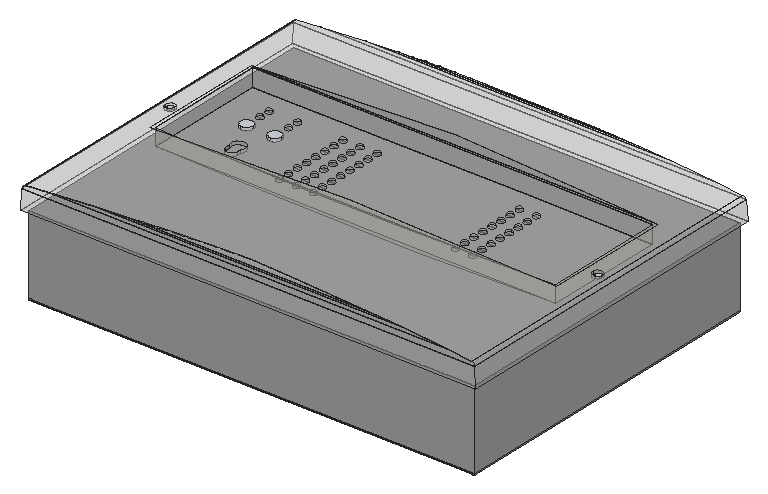
Revit family "Maxlogic Intelligent Addressable Smoke Damper Control Panel (8 Inputs - 8 Outputs)", category Fire Alarm Devices, host Face, Revit 2022
Family settings
  Host = Face
  Round Connector Dimension = Use Diameter
  Part Type = Normal
  OmniClass Number = 23.85.30.21
  OmniClass Title = Environmental Detection/Registration
  Cut with Voids When Loaded = No
  Maintain Annotation Orientation = Yes
  Shared = No
  Room Calculation Point = No
Parameters (values of type "Maxlogic Intelligent Addressable 16 way I/O panel (8 Inputs/ 8 Outputs)")
  Weight = ""
  Weatherproof surface mounting back box = ""
  Warranty Duration Unit = "Year"
  Warranty Duration Parts = "2"
  Warranty Duration Labor = "2"
  Version = ""
  URL = "https://www.mavili.com.tr/en"
  Toggle swıtch = no
  Recessed mounting base = ""
  Public Works Pose Number = ""
  Protection Sign = ""
  Product Code = "ML-1353"
  Phone Number = "(+)90 216 466 45 05"
  Operatonal Voltage (default) = "24 V/DC"
  Operating voltage range = "18-33V/DC"
  Operating temperature = "(-10°C) - (+55°C)"
  Nominal Depth = "100 mm"
  Nominal Width = "400 mm"
  Nominal Height = "300 mm"
  Mounting surface = "Wall mount"
  Mounting height = ""
  Model = "Maxlogic"
  Manufacturer = "Mavili Elektronik Ticaret A.Ş."
  Installation Manual = "https://mavilielektronik.com/Revit/ML135X_enkk.pdf"
  Indicator output = ""
  Fax Number = "(+)90 216 466 45 10"
  External supply = "220 V AC"
  Email = "mavili@mavili.com.tr"
  Disclaimer = ""
  Device Adress Setup = "The address is given to devices by addressable programmer"
  Description = "Intelligent Addressable 16 way I/O panel (8 Inputs/ 8 Outputs)"
  Default Elevation = 0 mm
  Current consumption = ""
  Cost unıt = ""
  Cost = 0
  Compatible sockets = ""
  Color = "White"
  Code Performance = "EN 54-4 / EN 54-18"
  Main Material = "Metal Grey"
  Secondary Material = "White Plastic ABS"
  Battery = "2 X (12V DC 7 Ah )"
  Address line 1 = "Şerifali Mahallesi Kutup Sokak No:27/1-2-4 Ümraniye TR-34775 İSTANBUL"
Types (4, lengths in mm): name | Toggle swıtch | Product Code | Description
  (no name) | no | "ML-1353" | "Intelligent Addressable 16 way I/O panel (8 Inputs/ 8 Outputs)"
  Maxlogic Intelligent Addressable 16 way I/O panel (8 Inputs/ 8 Outputs) | no | "ML-1353" | "Intelligent Addressable 16 way I/O panel (8 Inputs/ 8 Outputs)"
  Maxlogic Intelligent addressable (8 inputs / 8 outputs) smoke damper control panel | no | "ML-1354" | "Intelligent addressable (8 inputs / 8 outputs) smoke damper control panel"
  Maxlogic Intelligent addressable (8 inputs / 8 outputs) smoke damper control panel with toggle switch card | yes | "ML-1355" | "Intelligent addressable (8 inputs / 8 outputs) smoke damper control panel with toggle switch card"
Reference planes
  plane 1 "Center (Front/Back)": y = 0
  plane 2: z = 0
  plane 3 "Center (Left/Right)": x = 0
Forms (mm)
  Extrusion 1, solid, material "mavili arka kasa"
    sketch origin (-210, -150, 148.173) x (1, 0, 0) y (0, 0, -1)
      loop
        line (42.905, 77.3) -> (434.905, 77.3) -> (434.905, 146.904)
        arc (434.905, 146.904) -> (434.545, 147.715) -> (433.785, 148.173) r 1.476
        line (433.785, 148.173) -> (44.505, 148.173)
        arc (44.505, 148.173) -> (43.374, 147.704) -> (42.905, 146.573) r 1.6
        line (42.905, 146.573) -> (42.905, 77.3)
    from 0 to 300
  Extrusion 2, solid, material "Mavili beyaz"
    sketch origin (-210, -150, 148.173) x (1, 0, 0) y (0, 0, -1)
      loop
        line (38.905, 77.3) -> (39.824, 59.769)
        arc (39.824, 59.769) -> (40.651, 57.854) -> (42.526, 56.941) r 3
        arc (42.526, 56.941) -> (238.905, 47.3) -> (435.284, 56.941) r 2005
        arc (435.284, 56.941) -> (437.16, 57.854) -> (437.987, 59.769) r 3
        line (437.987, 59.769) -> (438.905, 77.3) -> (38.905, 77.3)
    from 0 to 300
  Extrusion 3, void
    sketch origin (-167.095, -150, 70.872) x (0, 0, 1) y (0, -1, 0)
      loop
        arc (-69.27, -296) -> (-70.403, -295.532) -> (-70.872, -294.4) r 1.6
        line (-70.872, -294.4) -> (-70.872, -300) -> (0, -300) -> (0, -296) -> (-69.27, -296)
    from 0 to 392
  Extrusion 4, void
    sketch origin (-167.095, 150, 70.872) x (0, 0, 1) y (0, -1, 0)
      loop
        line (-69.27, 296) -> (0, 296) -> (0, 300) -> (-70.872, 300) -> (-70.872, 294.4)
        arc (-70.872, 294.4) -> (-70.403, 295.532) -> (-69.27, 296) r 1.6
    from 0 to 392
  Extrusion 5, void
    sketch origin (-210, -150, 148.173) x (0, 0, -1) y (0, 1, 0)
      loop
        line (55.289, 116.326) -> (55.289, 228.158) -> (47.3, 228.297) -> (47.3, 111.721) -> (55.289, 116.326)
    from 0 to 497.127
  Extrusion 6, void
    sketch origin (-210, -150, 148.173) x (0, 0, -1) y (0, 1, 0)
      loop
        arc (47.3, 295.581) -> (48.124, 297.646) -> (50.143, 298.577) r 3
        line (50.143, 298.577) -> (51.913, 298.669) -> (55.057, 298.834) -> (59.769, 299.081) -> (77.3, 300) -> (50, 300) -> (47.3, 300) -> (47.3, 295.581)
    from 0 to 493.151
  Extrusion 7, void
    sketch origin (-210, 150, 148.173) x (0, 0, -1) y (0, 1, 0)
      loop
        line (47.3, -295.581) -> (47.3, -300) -> (50, -300) -> (77.3, -300) -> (59.769, -299.081) -> (55.057, -298.834) -> (51.913, -298.669) -> (50.143, -298.577)
        arc (50.143, -298.577) -> (48.124, -297.646) -> (47.3, -295.581) r 3
    from 0 to 493.151
  Extrusion 8, void
    sketch origin (-167.095, 146, 25.472) x (0, 0, -1) y (1, 0, 0)
      loop
        line (-13.523, 66.9) -> (-13.523, 68.054)
        arc (-13.523, 68.054) -> (-15, 68.144) -> (-16.477, 68.054) r 12.144
        line (-16.477, 68.054) -> (-16.477, 66.9)
        arc (-16.477, 66.9) -> (-26, 56.025) -> (-16.527, 45.106) r 11
        line (-16.527, 45.106) -> (-16.527, 43.952)
        arc (-16.527, 43.952) -> (-15, 43.856) -> (-13.473, 43.952) r 12.144
        line (-13.473, 43.952) -> (-13.473, 45.106)
        arc (-13.473, 45.106) -> (-4, 56.025) -> (-13.523, 66.9) r 11
    from 0 to 1
  Extrusion 9, void
    sketch origin (-127.095, 146, 25.472) x (0, 0, -1) y (1, 0, 0)
      loop
        line (-13.523, 66.9) -> (-13.523, 68.054)
        arc (-13.523, 68.054) -> (-15, 68.144) -> (-16.477, 68.054) r 12.144
        line (-16.477, 68.054) -> (-16.477, 66.9)
        arc (-16.477, 66.9) -> (-26, 56.025) -> (-16.527, 45.106) r 11
        line (-16.527, 45.106) -> (-16.527, 43.952)
        arc (-16.527, 43.952) -> (-15, 43.856) -> (-13.473, 43.952) r 12.144
        line (-13.473, 43.952) -> (-13.473, 45.106)
        arc (-13.473, 45.106) -> (-4, 56.025) -> (-13.523, 66.9) r 11
    from 0 to 1
  Extrusion 10, void
    sketch origin (-87.095, 146, 25.472) x (0, 0, -1) y (1, 0, 0)
      loop
        line (-13.523, 66.9) -> (-13.523, 68.054)
        arc (-13.523, 68.054) -> (-15, 68.144) -> (-16.477, 68.054) r 12.144
        line (-16.477, 68.054) -> (-16.477, 66.9)
        arc (-16.477, 66.9) -> (-26, 56.025) -> (-16.527, 45.106) r 11
        line (-16.527, 45.106) -> (-16.527, 43.952)
        arc (-16.527, 43.952) -> (-15, 43.856) -> (-13.473, 43.952) r 12.144
        line (-13.473, 43.952) -> (-13.473, 45.106)
        arc (-13.473, 45.106) -> (-4, 56.025) -> (-13.523, 66.9) r 11
    from 0 to 1
  Extrusion 11, void
    sketch origin (-47.095, 146, 25.472) x (0, 0, -1) y (1, 0, 0)
      loop
        line (-13.523, 66.9) -> (-13.523, 68.054)
        arc (-13.523, 68.054) -> (-15, 68.144) -> (-16.477, 68.054) r 12.144
        line (-16.477, 68.054) -> (-16.477, 66.9)
        arc (-16.477, 66.9) -> (-26, 56.025) -> (-16.527, 45.106) r 11
        line (-16.527, 45.106) -> (-16.527, 43.952)
        arc (-16.527, 43.952) -> (-15, 43.856) -> (-13.473, 43.952) r 12.144
        line (-13.473, 43.952) -> (-13.473, 45.106)
        arc (-13.473, 45.106) -> (-4, 56.025) -> (-13.523, 66.9) r 11
    from 0 to 1
  Extrusion 12, void
    sketch origin (-7.095, 146, 25.472) x (0, 0, -1) y (1, 0, 0)
      loop
        line (-13.523, 66.9) -> (-13.523, 68.054)
        arc (-13.523, 68.054) -> (-15, 68.144) -> (-16.477, 68.054) r 12.144
        line (-16.477, 68.054) -> (-16.477, 66.9)
        arc (-16.477, 66.9) -> (-26, 56.025) -> (-16.527, 45.106) r 11
        line (-16.527, 45.106) -> (-16.527, 43.952)
        arc (-16.527, 43.952) -> (-15, 43.856) -> (-13.473, 43.952) r 12.144
        line (-13.473, 43.952) -> (-13.473, 45.106)
        arc (-13.473, 45.106) -> (-4, 56.025) -> (-13.523, 66.9) r 11
    from 0 to 1
  Extrusion 13, void
    sketch origin (32.905, 146, 25.472) x (0, 0, -1) y (1, 0, 0)
      loop
        line (-13.523, 66.9) -> (-13.523, 68.054)
        arc (-13.523, 68.054) -> (-15, 68.144) -> (-16.477, 68.054) r 12.144
        line (-16.477, 68.054) -> (-16.477, 66.9)
        arc (-16.477, 66.9) -> (-26, 56.025) -> (-16.527, 45.106) r 11
        line (-16.527, 45.106) -> (-16.527, 43.952)
        arc (-16.527, 43.952) -> (-15, 43.856) -> (-13.473, 43.952) r 12.144
        line (-13.473, 43.952) -> (-13.473, 45.106)
        arc (-13.473, 45.106) -> (-4, 56.025) -> (-13.523, 66.9) r 11
    from 0 to 1
  Extrusion 14, void
    sketch origin (72.905, 146, 25.472) x (0, 0, -1) y (1, 0, 0)
      loop
        line (-13.523, 66.9) -> (-13.523, 68.054)
        arc (-13.523, 68.054) -> (-15, 68.144) -> (-16.477, 68.054) r 12.144
        line (-16.477, 68.054) -> (-16.477, 66.9)
        arc (-16.477, 66.9) -> (-26, 56.025) -> (-16.527, 45.106) r 11
        line (-16.527, 45.106) -> (-16.527, 43.952)
        arc (-16.527, 43.952) -> (-15, 43.856) -> (-13.473, 43.952) r 12.144
        line (-13.473, 43.952) -> (-13.473, 45.106)
        arc (-13.473, 45.106) -> (-4, 56.025) -> (-13.523, 66.9) r 11
    from 0 to 1
  Extrusion 15, void
    sketch origin (112.905, 146, 25.472) x (0, 0, -1) y (1, 0, 0)
      loop
        line (-13.523, 66.9) -> (-13.523, 68.054)
        arc (-13.523, 68.054) -> (-15, 68.144) -> (-16.477, 68.054) r 12.144
        line (-16.477, 68.054) -> (-16.477, 66.9)
        arc (-16.477, 66.9) -> (-26, 56.025) -> (-16.527, 45.106) r 11
        line (-16.527, 45.106) -> (-16.527, 43.952)
        arc (-16.527, 43.952) -> (-15, 43.856) -> (-13.473, 43.952) r 12.144
        line (-13.473, 43.952) -> (-13.473, 45.106)
        arc (-13.473, 45.106) -> (-4, 56.025) -> (-13.523, 66.9) r 11
    from 0 to 1
  Extrusion 16, void
    sketch origin (-210, -33.417, 92.884) x (-1, 0, 0) y (0, 1, 0)
      loop
        line (-62.836, 2.214) -> (-62.836, 108.579)
        spline (-62.836, 108.579) -> (-92.123, 108.62) -> (-121.442, 108.654) -> (-150.785, 108.681) -> (-180.148, 108.699) -> (-209.524, 108.711) -> (-238.905, 108.714) -> (-268.287, 108.711) -> (-297.662, 108.699) -> (-327.025, 108.681) -> (-356.369, 108.654) -> (-385.687, 108.62) -> (-414.974, 108.579)
        line (-414.974, 108.579) -> (-414.974, 2.214)
        spline (-414.974, 2.214) -> (-385.687, 0.847) -> (-356.369, -0.273) -> (-327.025, -1.144) -> (-297.662, -1.766) -> (-268.287, -2.14) -> (-238.905, -2.264) -> (-209.524, -2.14) -> (-180.148, -1.766) -> (-150.785, -1.144) -> (-121.442, -0.273) -> (-92.123, 0.847) -> (-62.836, 2.214)
    from 0 to 15
  Revolve 17, solid, material "Glass"
    sketch origin (-210, 143.417, 77.884) x (-1, 0, 0) y (0, -1, 0)
      loop
        line (-96.905, 88.417) -> (-90.905, 88.417)
        arc (-90.905, 88.417) -> (-93.905, 91.417) -> (-96.905, 88.417) r 3
      axis (-90.905, 88.417) -> (-96.905, 88.417)
    angle from 0 to -180
  Revolve 18, solid, material "Glass"
    sketch origin (-210, 133.417, 77.884) x (-1, 0, 0) y (0, -1, 0)
      loop
        line (-96.905, 88.417) -> (-90.905, 88.417)
        arc (-90.905, 88.417) -> (-93.905, 91.417) -> (-96.905, 88.417) r 3
      axis (-90.905, 88.417) -> (-96.905, 88.417)
    angle from 0 to -180
  Revolve 19, solid, material "Glass"
    sketch origin (-185, 143.417, 77.884) x (-1, 0, 0) y (0, -1, 0)
      loop
        line (-96.905, 88.417) -> (-90.905, 88.417)
        arc (-90.905, 88.417) -> (-93.905, 91.417) -> (-96.905, 88.417) r 3
      axis (-90.905, 88.417) -> (-96.905, 88.417)
    angle from 0 to -180
  Revolve 20, solid, material "Glass"
    sketch origin (-185, 133.417, 77.884) x (-1, 0, 0) y (0, -1, 0)
      loop
        line (-96.905, 88.417) -> (-90.905, 88.417)
        arc (-90.905, 88.417) -> (-93.905, 91.417) -> (-96.905, 88.417) r 3
      axis (-90.905, 88.417) -> (-96.905, 88.417)
    angle from 0 to -180
  Revolve 21, solid, material "Glass"
    sketch origin (-145, 143.417, 77.884) x (-1, 0, 0) y (0, -1, 0)
      loop
        line (-96.905, 88.417) -> (-90.905, 88.417)
        arc (-90.905, 88.417) -> (-93.905, 91.417) -> (-96.905, 88.417) r 3
      axis (-90.905, 88.417) -> (-96.905, 88.417)
    angle from 0 to -180
  Revolve 22, solid, material "Glass"
    sketch origin (-130, 143.417, 77.884) x (-1, 0, 0) y (0, -1, 0)
      loop
        line (-96.905, 88.417) -> (-90.905, 88.417)
        arc (-90.905, 88.417) -> (-93.905, 91.417) -> (-96.905, 88.417) r 3
      axis (-90.905, 88.417) -> (-96.905, 88.417)
    angle from 0 to -180
  Revolve 23, solid, material "Glass"
    sketch origin (-115, 143.417, 77.884) x (-1, 0, 0) y (0, -1, 0)
      loop
        line (-96.905, 88.417) -> (-90.905, 88.417)
        arc (-90.905, 88.417) -> (-93.905, 91.417) -> (-96.905, 88.417) r 3
      axis (-90.905, 88.417) -> (-96.905, 88.417)
    angle from 0 to -180
  Revolve 24, solid, material "Glass"
    sketch origin (-145, 133.426, 77.884) x (-1, 0, 0) y (0, -1, 0)
      loop
        line (-96.905, 88.417) -> (-90.905, 88.417)
        arc (-90.905, 88.417) -> (-93.905, 91.417) -> (-96.905, 88.417) r 3
      axis (-90.905, 88.417) -> (-96.905, 88.417)
    angle from 0 to -180
  Revolve 25, solid, material "Glass"
    sketch origin (-130, 133.426, 77.884) x (-1, 0, 0) y (0, -1, 0)
      loop
        line (-96.905, 88.417) -> (-90.905, 88.417)
        arc (-90.905, 88.417) -> (-93.905, 91.417) -> (-96.905, 88.417) r 3
      axis (-90.905, 88.417) -> (-96.905, 88.417)
    angle from 0 to -180
  Revolve 26, solid, material "Glass"
    sketch origin (-115, 133.426, 77.884) x (-1, 0, 0) y (0, -1, 0)
      loop
        line (-96.905, 88.417) -> (-90.905, 88.417)
        arc (-90.905, 88.417) -> (-93.905, 91.417) -> (-96.905, 88.417) r 3
      axis (-90.905, 88.417) -> (-96.905, 88.417)
    angle from 0 to -180
  Revolve 27, solid, material "Glass"
    sketch origin (-145, 123.431, 77.884) x (-1, 0, 0) y (0, -1, 0)
      loop
        line (-96.905, 88.417) -> (-90.905, 88.417)
        arc (-90.905, 88.417) -> (-93.905, 91.417) -> (-96.905, 88.417) r 3
      axis (-90.905, 88.417) -> (-96.905, 88.417)
    angle from 0 to -180
  Revolve 28, solid, material "Glass"
    sketch origin (-130, 123.431, 77.884) x (-1, 0, 0) y (0, -1, 0)
      loop
        line (-96.905, 88.417) -> (-90.905, 88.417)
        arc (-90.905, 88.417) -> (-93.905, 91.417) -> (-96.905, 88.417) r 3
      axis (-90.905, 88.417) -> (-96.905, 88.417)
    angle from 0 to -180
  Revolve 29, solid, material "Glass"
    sketch origin (-115, 123.431, 77.884) x (-1, 0, 0) y (0, -1, 0)
      loop
        line (-96.905, 88.417) -> (-90.905, 88.417)
        arc (-90.905, 88.417) -> (-93.905, 91.417) -> (-96.905, 88.417) r 3
      axis (-90.905, 88.417) -> (-96.905, 88.417)
    angle from 0 to -180
  Revolve 30, solid, material "Glass"
    sketch origin (-145, 113.434, 77.884) x (-1, 0, 0) y (0, -1, 0)
      loop
        line (-96.905, 88.417) -> (-90.905, 88.417)
        arc (-90.905, 88.417) -> (-93.905, 91.417) -> (-96.905, 88.417) r 3
      axis (-90.905, 88.417) -> (-96.905, 88.417)
    angle from 0 to -180
  Revolve 31, solid, material "Glass"
    sketch origin (-130, 113.434, 77.884) x (-1, 0, 0) y (0, -1, 0)
      loop
        line (-96.905, 88.417) -> (-90.905, 88.417)
        arc (-90.905, 88.417) -> (-93.905, 91.417) -> (-96.905, 88.417) r 3
      axis (-90.905, 88.417) -> (-96.905, 88.417)
    angle from 0 to -180
  Revolve 32, solid, material "Glass"
    sketch origin (-115, 113.434, 77.884) x (-1, 0, 0) y (0, -1, 0)
      loop
        line (-96.905, 88.417) -> (-90.905, 88.417)
        arc (-90.905, 88.417) -> (-93.905, 91.417) -> (-96.905, 88.417) r 3
      axis (-90.905, 88.417) -> (-96.905, 88.417)
    angle from 0 to -180
  Revolve 33, solid, material "Glass"
    sketch origin (-145, 103.436, 77.884) x (-1, 0, 0) y (0, -1, 0)
      loop
        line (-96.905, 88.417) -> (-90.905, 88.417)
        arc (-90.905, 88.417) -> (-93.905, 91.417) -> (-96.905, 88.417) r 3
      axis (-90.905, 88.417) -> (-96.905, 88.417)
    angle from 0 to -180
  Revolve 34, solid, material "Glass"
    sketch origin (-130, 103.436, 77.884) x (-1, 0, 0) y (0, -1, 0)
      loop
        line (-96.905, 88.417) -> (-90.905, 88.417)
        arc (-90.905, 88.417) -> (-93.905, 91.417) -> (-96.905, 88.417) r 3
      axis (-90.905, 88.417) -> (-96.905, 88.417)
    angle from 0 to -180
  Revolve 35, solid, material "Glass"
    sketch origin (-115, 103.436, 77.884) x (-1, 0, 0) y (0, -1, 0)
      loop
        line (-96.905, 88.417) -> (-90.905, 88.417)
        arc (-90.905, 88.417) -> (-93.905, 91.417) -> (-96.905, 88.417) r 3
      axis (-90.905, 88.417) -> (-96.905, 88.417)
    angle from 0 to -180
  Revolve 36, solid, material "Glass"
    sketch origin (-145, 93.439, 77.884) x (-1, 0, 0) y (0, -1, 0)
      loop
        line (-96.905, 88.417) -> (-90.905, 88.417)
        arc (-90.905, 88.417) -> (-93.905, 91.417) -> (-96.905, 88.417) r 3
      axis (-90.905, 88.417) -> (-96.905, 88.417)
    angle from 0 to -180
  Revolve 37, solid, material "Glass"
    sketch origin (-130, 93.439, 77.884) x (-1, 0, 0) y (0, -1, 0)
      loop
        line (-96.905, 88.417) -> (-90.905, 88.417)
        arc (-90.905, 88.417) -> (-93.905, 91.417) -> (-96.905, 88.417) r 3
      axis (-90.905, 88.417) -> (-96.905, 88.417)
    angle from 0 to -180
  Revolve 38, solid, material "Glass"
    sketch origin (-115, 93.439, 77.884) x (-1, 0, 0) y (0, -1, 0)
      loop
        line (-96.905, 88.417) -> (-90.905, 88.417)
        arc (-90.905, 88.417) -> (-93.905, 91.417) -> (-96.905, 88.417) r 3
      axis (-90.905, 88.417) -> (-96.905, 88.417)
    angle from 0 to -180
  Revolve 39, solid, material "Glass"
    sketch origin (-145, 83.393, 77.884) x (-1, 0, 0) y (0, -1, 0)
      loop
        line (-96.905, 88.417) -> (-90.905, 88.417)
        arc (-90.905, 88.417) -> (-93.905, 91.417) -> (-96.905, 88.417) r 3
      axis (-90.905, 88.417) -> (-96.905, 88.417)
    angle from 0 to -180
  Revolve 40, solid, material "Glass"
    sketch origin (-130, 83.393, 77.884) x (-1, 0, 0) y (0, -1, 0)
      loop
        line (-96.905, 88.417) -> (-90.905, 88.417)
        arc (-90.905, 88.417) -> (-93.905, 91.417) -> (-96.905, 88.417) r 3
      axis (-90.905, 88.417) -> (-96.905, 88.417)
    angle from 0 to -180
  Revolve 41, solid, material "Glass"
    sketch origin (-115, 83.393, 77.884) x (-1, 0, 0) y (0, -1, 0)
      loop
        line (-96.905, 88.417) -> (-90.905, 88.417)
        arc (-90.905, 88.417) -> (-93.905, 91.417) -> (-96.905, 88.417) r 3
      axis (-90.905, 88.417) -> (-96.905, 88.417)
    angle from 0 to -180
  Revolve 42, solid, material "Glass"
    sketch origin (-145, 73.443, 77.884) x (-1, 0, 0) y (0, -1, 0)
      loop
        line (-96.905, 88.417) -> (-90.905, 88.417)
        arc (-90.905, 88.417) -> (-93.905, 91.417) -> (-96.905, 88.417) r 3
      axis (-90.905, 88.417) -> (-96.905, 88.417)
    angle from 0 to -180
  Revolve 43, solid, material "Glass"
    sketch origin (-130, 73.443, 77.884) x (-1, 0, 0) y (0, -1, 0)
      loop
        line (-96.905, 88.417) -> (-90.905, 88.417)
        arc (-90.905, 88.417) -> (-93.905, 91.417) -> (-96.905, 88.417) r 3
      axis (-90.905, 88.417) -> (-96.905, 88.417)
    angle from 0 to -180
  Revolve 44, solid, material "Glass"
    sketch origin (-115, 73.443, 77.884) x (-1, 0, 0) y (0, -1, 0)
      loop
        line (-96.905, 88.417) -> (-90.905, 88.417)
        arc (-90.905, 88.417) -> (-93.905, 91.417) -> (-96.905, 88.417) r 3
      axis (-90.905, 88.417) -> (-96.905, 88.417)
    angle from 0 to -180
  Revolve 45, solid, material "Glass"
    sketch origin (10, 143.417, 77.884) x (-1, 0, 0) y (0, -1, 0)
      loop
        line (-96.905, 88.417) -> (-90.905, 88.417)
        arc (-90.905, 88.417) -> (-93.905, 91.417) -> (-96.905, 88.417) r 3
      axis (-90.905, 88.417) -> (-96.905, 88.417)
    angle from 0 to -180
  Revolve 46, solid, material "Glass"
    sketch origin (25, 143.417, 77.884) x (-1, 0, 0) y (0, -1, 0)
      loop
        line (-96.905, 88.417) -> (-90.905, 88.417)
        arc (-90.905, 88.417) -> (-93.905, 91.417) -> (-96.905, 88.417) r 3
      axis (-90.905, 88.417) -> (-96.905, 88.417)
    angle from 0 to -180
  Revolve 47, solid, material "Glass"
    sketch origin (10, 133.417, 77.884) x (-1, 0, 0) y (0, -1, 0)
      loop
        line (-96.905, 88.417) -> (-90.905, 88.417)
        arc (-90.905, 88.417) -> (-93.905, 91.417) -> (-96.905, 88.417) r 3
      axis (-90.905, 88.417) -> (-96.905, 88.417)
    angle from 0 to -180
  Revolve 48, solid, material "Glass"
    sketch origin (25, 133.417, 77.884) x (-1, 0, 0) y (0, -1, 0)
      loop
        line (-96.905, 88.417) -> (-90.905, 88.417)
        arc (-90.905, 88.417) -> (-93.905, 91.417) -> (-96.905, 88.417) r 3
      axis (-90.905, 88.417) -> (-96.905, 88.417)
    angle from 0 to -180
  Revolve 49, solid, material "Glass"
    sketch origin (10, 123.417, 77.884) x (-1, 0, 0) y (0, -1, 0)
      loop
        line (-96.905, 88.417) -> (-90.905, 88.417)
        arc (-90.905, 88.417) -> (-93.905, 91.417) -> (-96.905, 88.417) r 3
      axis (-90.905, 88.417) -> (-96.905, 88.417)
    angle from 0 to -180
  Revolve 50, solid, material "Glass"
    sketch origin (25, 123.417, 77.884) x (-1, 0, 0) y (0, -1, 0)
      loop
        line (-96.905, 88.417) -> (-90.905, 88.417)
        arc (-90.905, 88.417) -> (-93.905, 91.417) -> (-96.905, 88.417) r 3
      axis (-90.905, 88.417) -> (-96.905, 88.417)
    angle from 0 to -180
  Revolve 51, solid, material "Glass"
    sketch origin (10, 113.417, 77.884) x (-1, 0, 0) y (0, -1, 0)
      loop
        line (-96.905, 88.417) -> (-90.905, 88.417)
        arc (-90.905, 88.417) -> (-93.905, 91.417) -> (-96.905, 88.417) r 3
      axis (-90.905, 88.417) -> (-96.905, 88.417)
    angle from 0 to -180
  Revolve 52, solid, material "Glass"
    sketch origin (25, 113.417, 77.884) x (-1, 0, 0) y (0, -1, 0)
      loop
        line (-96.905, 88.417) -> (-90.905, 88.417)
        arc (-90.905, 88.417) -> (-93.905, 91.417) -> (-96.905, 88.417) r 3
      axis (-90.905, 88.417) -> (-96.905, 88.417)
    angle from 0 to -180
  Revolve 53, solid, material "Glass"
    sketch origin (10, 103.417, 77.884) x (-1, 0, 0) y (0, -1, 0)
      loop
        line (-96.905, 88.417) -> (-90.905, 88.417)
        arc (-90.905, 88.417) -> (-93.905, 91.417) -> (-96.905, 88.417) r 3
      axis (-90.905, 88.417) -> (-96.905, 88.417)
    angle from 0 to -180
  Revolve 54, solid, material "Glass"
    sketch origin (25, 103.417, 77.884) x (-1, 0, 0) y (0, -1, 0)
      loop
        line (-96.905, 88.417) -> (-90.905, 88.417)
        arc (-90.905, 88.417) -> (-93.905, 91.417) -> (-96.905, 88.417) r 3
      axis (-90.905, 88.417) -> (-96.905, 88.417)
    angle from 0 to -180
  Revolve 55, solid, material "Glass"
    sketch origin (10, 93.417, 77.884) x (-1, 0, 0) y (0, -1, 0)
      loop
        line (-96.905, 88.417) -> (-90.905, 88.417)
        arc (-90.905, 88.417) -> (-93.905, 91.417) -> (-96.905, 88.417) r 3
      axis (-90.905, 88.417) -> (-96.905, 88.417)
    angle from 0 to -180
  Revolve 56, solid, material "Glass"
    sketch origin (25, 93.417, 77.884) x (-1, 0, 0) y (0, -1, 0)
      loop
        line (-96.905, 88.417) -> (-90.905, 88.417)
        arc (-90.905, 88.417) -> (-93.905, 91.417) -> (-96.905, 88.417) r 3
      axis (-90.905, 88.417) -> (-96.905, 88.417)
    angle from 0 to -180
  Revolve 57, solid, material "Glass"
    sketch origin (10, 83.417, 77.884) x (-1, 0, 0) y (0, -1, 0)
      loop
        line (-96.905, 88.417) -> (-90.905, 88.417)
        arc (-90.905, 88.417) -> (-93.905, 91.417) -> (-96.905, 88.417) r 3
      axis (-90.905, 88.417) -> (-96.905, 88.417)
    angle from 0 to -180
  Revolve 58, solid, material "Glass"
    sketch origin (25, 83.417, 77.884) x (-1, 0, 0) y (0, -1, 0)
      loop
        line (-96.905, 88.417) -> (-90.905, 88.417)
        arc (-90.905, 88.417) -> (-93.905, 91.417) -> (-96.905, 88.417) r 3
      axis (-90.905, 88.417) -> (-96.905, 88.417)
    angle from 0 to -180
  Revolve 59, solid, material "Glass"
    sketch origin (10, 73.417, 77.884) x (-1, 0, 0) y (0, -1, 0)
      loop
        line (-96.905, 88.417) -> (-90.905, 88.417)
        arc (-90.905, 88.417) -> (-93.905, 91.417) -> (-96.905, 88.417) r 3
      axis (-90.905, 88.417) -> (-96.905, 88.417)
    angle from 0 to -180
  Revolve 60, solid, material "Glass"
    sketch origin (25, 73.417, 77.884) x (-1, 0, 0) y (0, -1, 0)
      loop
        line (-96.905, 88.417) -> (-90.905, 88.417)
        arc (-90.905, 88.417) -> (-93.905, 91.417) -> (-96.905, 88.417) r 3
      axis (-90.905, 88.417) -> (-96.905, 88.417)
    angle from 0 to -180
  Extrusion 61, void
    sketch origin (-210, -33.05, 77.884) x (-1, 0, 0) y (0, 1, 0)
      loop
        line (-111.572, 35.05) -> (-111.572, 31.407)
        arc (-111.572, 31.407) -> (-106.405, 26.25) -> (-101.238, 31.407) r 5.167
        line (-101.238, 31.407) -> (-101.238, 35.05)
        arc (-101.238, 35.05) -> (-106.405, 44.584) -> (-111.572, 35.05) r 6.167
    from 0 to 3
  Extrusion 62, solid
    sketch origin (-210, -33.417, 77.884) x (0, 1, 0) y (-1, 0, 0)
      loop
        circle (63.417, -93.905) r 5.5
    from 0 to 2
  Extrusion 63, solid
    sketch origin (-185, -33.417, 77.884) x (0, 1, 0) y (-1, 0, 0)
      loop
        circle (63.417, -93.905) r 5.5
    from 0 to 2
  Extrusion 64, void
    sketch origin (-210, -33.417, 92.884) x (-1, 0, 0) y (0, 1, 0)
      loop
        circle (-50.905, 33.417) r 4.25
    from 0 to 3
  Extrusion 65, solid
    sketch origin (-210, -33.442, 89.884) x (0, 1, 0) y (-1, 0, 0)
      loop
        line (35.753, -50.862) -> (34.597, -48.861) -> (32.286, -48.861) -> (31.13, -50.862) -> (32.286, -52.864) -> (34.597, -52.864) -> (35.753, -50.862)
    from 0 to 1
  Extrusion 66, void
    sketch origin (267.811, -33.417, 92.884) x (-1, 0, 0) y (0, 1, 0)
      loop
        circle (50.905, 33.417) r 4.25
    from 0 to 3
  Extrusion 67, solid
    sketch origin (267.811, -33.442, 89.884) x (0, 1, 0) y (-1, 0, 0)
      loop
        line (35.753, 50.862) -> (34.597, 52.864) -> (32.286, 52.864) -> (31.13, 50.862) -> (32.286, 48.861) -> (34.597, 48.861) -> (35.753, 50.862)
    from 0 to 1
  Revolve 68, solid, visible <- "Toggle swıtch"
    sketch origin (171.007, -145, 71.996) x (0, 0, -1) y (0, -1, 0)
      loop
        line (-7.888, -179.78) -> (-17.451, -182.704)
        arc (-17.451, -182.704) -> (-17.158, -183.343) -> (-16.631, -183.808) r 1.693
        arc (-16.631, -183.808) -> (-12.368, -182.077) -> (-7.888, -181.035) r 29.317
        line (-7.888, -181.035) -> (-7.888, -179.78)
      axis (-7.888, -179.78) -> (-17.451, -182.704)
    angle from 0 to 360
  Extrusion 69, solid, visible <- "Toggle swıtch"
    sketch origin (-210, -33.451, 77.884) x (0, 1, 0) y (-1, 0, 0)
      loop
        line (72.39, -383.23) -> (72.39, -378.682) -> (68.451, -376.408) -> (64.513, -378.682) -> (64.513, -383.23) -> (68.451, -385.504) -> (72.39, -383.23)
    from 0 to 2
  Revolve 70, solid, visible <- "Toggle swıtch"
    sketch origin (171.007, -124.789, 71.996) x (0, 0, -1) y (0, -1, 0)
      loop
        line (-7.888, -179.78) -> (-17.451, -182.704)
        arc (-17.451, -182.704) -> (-17.158, -183.343) -> (-16.631, -183.808) r 1.693
        arc (-16.631, -183.808) -> (-12.368, -182.077) -> (-7.888, -181.035) r 29.317
        line (-7.888, -181.035) -> (-7.888, -179.78)
      axis (-7.888, -179.78) -> (-17.451, -182.704)
    angle from 0 to 360
  Extrusion 71, solid, visible <- "Toggle swıtch"
    sketch origin (-210, -13.241, 77.884) x (0, 1, 0) y (-1, 0, 0)
      loop
        line (72.39, -383.23) -> (72.39, -378.682) -> (68.451, -376.408) -> (64.513, -378.682) -> (64.513, -383.23) -> (68.451, -385.504) -> (72.39, -383.23)
    from 0 to 2
  Revolve 72, solid, visible <- "Toggle swıtch"
    sketch origin (151.088, -134.939, 71.996) x (0, 0, -1) y (0, -1, 0)
      loop
        line (-7.888, -179.78) -> (-17.451, -182.704)
        arc (-17.451, -182.704) -> (-17.158, -183.343) -> (-16.631, -183.808) r 1.693
        arc (-16.631, -183.808) -> (-12.368, -182.077) -> (-7.888, -181.035) r 29.317
        line (-7.888, -181.035) -> (-7.888, -179.78)
      axis (-7.888, -179.78) -> (-17.451, -182.704)
    angle from 0 to 360
  Extrusion 73, solid, visible <- "Toggle swıtch"
    sketch origin (-229.919, -23.39, 77.884) x (0, 1, 0) y (-1, 0, 0)
      loop
        line (72.39, -383.23) -> (72.39, -378.682) -> (68.451, -376.408) -> (64.513, -378.682) -> (64.513, -383.23) -> (68.451, -385.504) -> (72.39, -383.23)
    from 0 to 2
  Revolve 74, solid, visible <- "Toggle swıtch"
    sketch origin (151.088, -154.939, 71.996) x (0, 0, -1) y (0, -1, 0)
      loop
        line (-7.888, -179.78) -> (-17.451, -182.704)
        arc (-17.451, -182.704) -> (-17.158, -183.343) -> (-16.631, -183.808) r 1.693
        arc (-16.631, -183.808) -> (-12.368, -182.077) -> (-7.888, -181.035) r 29.317
        line (-7.888, -181.035) -> (-7.888, -179.78)
      axis (-7.888, -179.78) -> (-17.451, -182.704)
    angle from 0 to 360
  Extrusion 75, solid, visible <- "Toggle swıtch"
    sketch origin (-229.919, -43.39, 77.884) x (0, 1, 0) y (-1, 0, 0)
      loop
        line (72.39, -383.23) -> (72.39, -378.682) -> (68.451, -376.408) -> (64.513, -378.682) -> (64.513, -383.23) -> (68.451, -385.504) -> (72.39, -383.23)
    from 0 to 2
  Revolve 76, solid, visible <- "Toggle swıtch"
    sketch origin (151.088, -174.939, 71.996) x (0, 0, -1) y (0, -1, 0)
      loop
        line (-7.888, -179.78) -> (-17.451, -182.704)
        arc (-17.451, -182.704) -> (-17.158, -183.343) -> (-16.631, -183.808) r 1.693
        arc (-16.631, -183.808) -> (-12.368, -182.077) -> (-7.888, -181.035) r 29.317
        line (-7.888, -181.035) -> (-7.888, -179.78)
      axis (-7.888, -179.78) -> (-17.451, -182.704)
    angle from 0 to 360
  Extrusion 77, solid, visible <- "Toggle swıtch"
    sketch origin (-229.919, -63.39, 77.884) x (0, 1, 0) y (-1, 0, 0)
      loop
        line (72.39, -383.23) -> (72.39, -378.682) -> (68.451, -376.408) -> (64.513, -378.682) -> (64.513, -383.23) -> (68.451, -385.504) -> (72.39, -383.23)
    from 0 to 2
  Revolve 78, solid, visible <- "Toggle swıtch"
    sketch origin (170.873, -185.02, 71.996) x (0, 0, -1) y (0, -1, 0)
      loop
        line (-7.888, -179.78) -> (-17.451, -182.704)
        arc (-17.451, -182.704) -> (-17.158, -183.343) -> (-16.631, -183.808) r 1.693
        arc (-16.631, -183.808) -> (-12.368, -182.077) -> (-7.888, -181.035) r 29.317
        line (-7.888, -181.035) -> (-7.888, -179.78)
      axis (-7.888, -179.78) -> (-17.451, -182.704)
    angle from 0 to 360
  Extrusion 79, solid, visible <- "Toggle swıtch"
    sketch origin (-210.133, -73.472, 77.884) x (0, 1, 0) y (-1, 0, 0)
      loop
        line (72.39, -383.23) -> (72.39, -378.682) -> (68.451, -376.408) -> (64.513, -378.682) -> (64.513, -383.23) -> (68.451, -385.504) -> (72.39, -383.23)
    from 0 to 2
  Revolve 80, solid, visible <- "Toggle swıtch"
    sketch origin (150.537, -194.939, 71.996) x (0, 0, -1) y (0, -1, 0)
      loop
        line (-7.888, -179.78) -> (-17.451, -182.704)
        arc (-17.451, -182.704) -> (-17.158, -183.343) -> (-16.631, -183.808) r 1.693
        arc (-16.631, -183.808) -> (-12.368, -182.077) -> (-7.888, -181.035) r 29.317
        line (-7.888, -181.035) -> (-7.888, -179.78)
      axis (-7.888, -179.78) -> (-17.451, -182.704)
    angle from 0 to 360
  Extrusion 81, solid, visible <- "Toggle swıtch"
    sketch origin (-230.469, -83.39, 77.884) x (0, 1, 0) y (-1, 0, 0)
      loop
        line (72.39, -383.23) -> (72.39, -378.682) -> (68.451, -376.408) -> (64.513, -378.682) -> (64.513, -383.23) -> (68.451, -385.504) -> (72.39, -383.23)
    from 0 to 2
  Revolve 82, solid, visible <- "Toggle swıtch"
    sketch origin (170.773, -164.939, 71.996) x (0, 0, -1) y (0, -1, 0)
      loop
        line (-7.888, -179.78) -> (-17.451, -182.704)
        arc (-17.451, -182.704) -> (-17.158, -183.343) -> (-16.631, -183.808) r 1.693
        arc (-16.631, -183.808) -> (-12.368, -182.077) -> (-7.888, -181.035) r 29.317
        line (-7.888, -181.035) -> (-7.888, -179.78)
      axis (-7.888, -179.78) -> (-17.451, -182.704)
    angle from 0 to 360
  Extrusion 83, solid, visible <- "Toggle swıtch"
    sketch origin (-210.234, -53.39, 77.884) x (0, 1, 0) y (-1, 0, 0)
      loop
        line (72.39, -383.23) -> (72.39, -378.682) -> (68.451, -376.408) -> (64.513, -378.682) -> (64.513, -383.23) -> (68.451, -385.504) -> (72.39, -383.23)
    from 0 to 2
Cuts and joins
  Extrusion 3, Extrusion 4, Extrusion 8, Extrusion 9, Extrusion 10, Extrusion 11, Extrusion 12, Extrusion 13, Extrusion 14, Extrusion 15, Extrusion 61 cuts Extrusion 1
  Extrusion 3, Extrusion 4, Extrusion 5, Extrusion 6, Extrusion 7, Extrusion 16, Extrusion 61, Extrusion 64, Extrusion 66 cuts Extrusion 2
  Extrusion 66 cuts Extrusion 65
Dimensions and locks
  aligned and locked: plane 2 to host face
  aligned and locked: level to host face
Connectors
  electrical at (29.145, 0, 0)
    settings: on cut or joined group of Extrusion 1, Extrusion 3, Extrusion 4, Extrusion 8, Extrusion 9, Extrusion 10, Extrusion 11, Extrusion 12, Extrusion 13, Extrusion 14, Extrusion 15, Extrusion 61, index 1, voltage 0 V, apparent load 0 VA, apparent load phase1 0 VA, apparent load phase2 0 VA, apparent load phase3 0 VA, power factor 1, load classification "Other", number of poles 1, system type 31, power factor state 1, is connector primary yes, connector utility no, sub classification motor no, connector description ""
